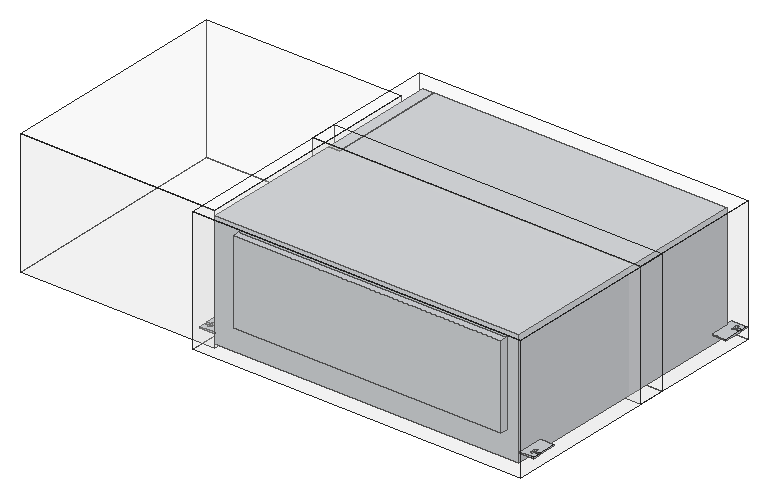
Revit family "pefy-p224_280smg9_50Hz", category 機械設備, Revit 2019
Family settings
  丸型コネクタ寸法 = 直径を使用
  パーツ タイプ = 標準
  OmniClass 番号 = 23.75.10.24.21.27.27
  OmniClass タイトル = Split System Air Conditioning Units
  作業面ベース = いいえ
  常に垂直 = はい
  ロード時にボイドで切り取り = いいえ
  共有 = いいえ
  部屋計算ポイント = はい
Parameters (values of type "PEFY-P224SMG9")
  風量（弱）（m3／min） = 50
  風量（m3／min） = 72
  風量 = MAX風量  # 4320.0 m³/h
  音響パワーレベル（弱）(dB) = 65
  音響パワーレベル(dB) = 67
  電源種別 = ""
  電源_H = 0 mm
  電圧_電気ヒーター = 0 V
  電圧 = 200 V
  電動機出力_送風機 = 0.87 kW
  運転質量 = 0.00 kg
  連動 = ""
  質量 = if(製品質量 > 運転質量, 製品質量, 運転質量) * 1.2  # 116.40 kg
  負荷分類 = 3_ファン類
  説明 = "ビル用マルチエアコン 天井埋込形　室内機"
  設計暖房能力 = 0.00 kW
  設計冷房能力_顕熱 = 0 kW
  設計冷房能力 = 0 kW
  設置方法 = "天井吊(隠ぺい)形"
  記号 = ""
  製造元 = "三菱電機株式会社"
  製品質量 = 97.00 kg
  製品出荷対象 = "国内"
  製品リリース年月 = "2022年9月15日"
  製品グループ = ""
  系統 = ""
  符号 = "ACP_CID"
  積算_科目 = "1 空気調和設備"
  積算_拾い区分 [instance] = ""
  相_電気ヒーター = 1
  相 = 1
  盤記号 = ""
  発停方法 = "付属スイッチ"
  特殊仕様 = ""
  点検口離隔 [instance] = if(点検口離隔入力値 > 200 mm, 200 mm, if(点検口離隔入力値 < 150 mm, 150 mm, 点検口離隔入力値))  # 150 mm
  点検口離隔入力値 [instance] = 150 mm
  点検口設置範囲 = 800 mm
  点検口位置 = 200 mm
  点検口 = yes
  火災停止 = ""
  消費電力_電気ヒーター = 0.00 kW
  消費電力_暖房 = 0.68 kW
  消費電力_加湿器 = 0.00 kW
  消費電力_冷房 = 0.68 kW
  消費電力 = if(消費電力_冷房 > 消費電力_暖房, 消費電力_冷房, 消費電力_暖房) + 消費電力_加湿器 + 消費電力_電気ヒーター  # 0.68 kW
  法定耐用年数 = "15"
  機外静圧 = 150.0 Pa
  極数 = 3
  材質 = ""
  本体マテリアル = none
  有効加湿量 = 0
  暖房能力 = 25.00 kW
  推奨ブレーカー容量 = 0 A
  形式_加湿器 = ""
  形式 = "天井吊（隠ぺい）形（両ダクト形）"
  幹線記号 = ""
  始動方式 = ""
  呼称 = "室内機_天井吊(隠ぺい)形(両ダクト形)"
  周波数 = 50 Hz
  吊り幅 = if(Depth = 900 mm, 60 mm, 61 mm)  # 61 mm
  吊り位置Y = 1034 mm
  吊り位置X = 1326 mm
  台数_手元リモコン = ""
  台数_冷媒分岐ユニット = ""
  参照している仕様書等のバージョン = "公共建築工事標準仕様書（機械設備工事編）平成31年度版"
  加湿給水管径 = 0 mm
  分類コード = "50053003221070"
  分類グループ = ""
  冷房能力 = 22.4 kW
  冷媒高低圧ガス管径 = 0 mm
  冷媒管径符号 = "Be"
  冷媒管径 = 100 mm
  冷媒液管径 = 9.52 mm
  冷媒液管_縦 = 44 mm
  冷媒液管_横 = 95 mm
  冷媒ガス管径 = 19.05 mm
  冷媒ガス管_縦 = 164 mm
  冷媒ガス管_横 = 249 mm
  企業コード = "108420"
  付属品_フィルター = ""
  付属品 = ""
  仕様書バージョン = "Version1.0"
  モデル = "PEFY-P224SMG9"
  ドレン管径 = 32 mm
  ドレン管_縦 = 327 mm
  ドレン管_横 = 489 mm
  サービススペース = yes
  コメント [instance] = ""
  ケーブル種類 = ""
  ケーブルサイズ = 0 mm
  Width = 0 mm
  Version = ""
  Uniclass2015Version = "Systems v1.9"
  Uniclass2015Title = "Split coil remote air cooled condensing units"
  Uniclass2015Code = "Pr_70_65_03_84"
  URL = "https://www.mitsubishielectric.co.jp/ldg/wink/ssl/displayProduct.do?pid=317074"
  SpecificationReference = ""
  SpecificationDescription = ""
  S_H = Height + 20 mm  # 490 mm
  SAサイズ_W = 1100 mm
  SAサイズ_D = 340 mm
  Revision = ""
  RAサイズ_W = 1100 mm
  RAサイズ_D = 420 mm
  ProductInformation = ""
  OmniClassCode = "23-751024212727"
  MIN風量 = 風量（弱）（m3／min） * 60.0 m³/h  # 3000.0 m³/h
  MAX風量 = 風量（m3／min） * 60.0 m³/h  # 4320.0 m³/h
  IfcTypeProduct = ""
  IfcProduct = ""
  IfcExportType = "AIRCONDITIONINGUNIT"
  IfcExportAs = "IfcUnitaryEquipmentType"
  Height = 470 mm
  Depth = 1120 mm
  Clearance Top = 20 mm
  Clearance Right = 50 mm
  Clearance Left = if(Width = 745 mm, 730 mm, if(Width = 1030 mm, 1015 mm, if(Width = 1195 mm, 1180 mm, 1300 mm)))  # 1300 mm
  Clearance Front = 680 mm
  Clearance Bottom = 20 mm
  Clearance Back = 50 mm
  Author = "三菱電機株式会社"
Types (2, lengths in mm): name | 風量（弱）（m3／min） | 風量（m3／min） | 風量 | 音響パワーレベル（弱）(dB) | 音響パワーレベル(dB) | 質量 | 製品質量 | 消費電力_暖房 | 消費電力_冷房 | 消費電力 | 暖房能力 | 冷房能力 | 冷媒管径符号 | 冷媒ガス管径 | モデル | URL | MIN風量 | MAX風量
  PEFY-P224SMG9 | 50 | 72 | 4320.0 m³/h | 65 | 67 | 116.40 kg | 97.00 kg | 0.68 kW | 0.68 kW | 0.68 kW | 25.00 kW | 22.4 kW | "Be" | 19.05 | "PEFY-P224SMG9" | "https://www.mitsubishielectric.co.jp/ldg/wink/ssl/displayProduct.do?pid=317074" | 3000.0 m³/h | 4320.0 m³/h
  PEFY-P280SMG9 | 58 | 84 | 5040.0 m³/h | 70 | 71 | 120.00 kg | 100.00 kg | 0.92 kW | 0.92 kW | 0.92 kW | 31.50 kW | 28 kW | "Bf" | 22.2 | "PEFY-P280SMG9" | "https://www.mitsubishielectric.co.jp/ldg/wink/ssl/displayProduct.do?pid=317075" | 3480.0 m³/h | 5040.0 m³/h
Reference planes
  plane 1 "中心(正面/背面)": y = -138.467
  plane 2: z = 0
  plane 3 "中心(左/右)": x = 140.396
  plane 4: z = 470
  plane 5: z = 490
  plane 6 "吊ピッチ-4": x = 803.396
  plane 7 "吊ピッチ-3": x = -522.604
  plane 8: y = -528.467
  plane 9: x = 765.396
  plane 10: z = -20
  plane 11: x = 826.396
  plane 12: y = -671.967
  plane 13: y = 287.533
  plane 14: y = -192.217
  plane 15: y = -362.467
  plane 16: y = 87.533
  plane 17: x = -484.604
  plane 18: x = -634.604
  plane 19: x = -1284.604
  plane 20: z = 490
  plane 21: x = -534.604
  plane 22: y = -721.967
  plane 23: x = 815.396
  plane 24: y = 8.033
  plane 25 "吊りボルトピッチ-1": y = 282.533
  plane 26 "吊ピッチ-1": y = -640.967
  plane 27 "吊ピッチ-2": y = 393.033
  plane 28 "本体奥行-1": y = 395.033
  plane 29 "本体奥行-2": y = -671.967
  plane 30 "D-1": y = 419.033
  plane 31 "D-2": y = -700.967
  plane 32 "Back-50": y = -721.967
  plane 33: y = 445.033
  plane 34: y = -104.967
Dimensions and locks
  "S_H": plane 5 to level
  "Clearance Bottom": level to plane 10
  "吊り幅": plane 11 to plane 9
  "Height": plane 4 to level
  locked: plane 16 to plane 15 at 450
  equal spacing: plane 13, plane 14, plane 12
  plane 17 to plane 7 "吊ピッチ-3" = 38 mm
  "点検口離隔": plane 17 to plane 18
  "点検口設置範囲": plane 17 to plane 19
  "Clearance Top": plane 20 to plane 4
  "Clearance Back": plane 12 to plane 22
  "Clearance Right": plane 17 to plane 21
  "Clearance Front": plane 24 to plane 12
  "Clearance Left": plane 23 to plane 17
  "点検口位置": plane 13 to plane 16
  equal spacing: plane 9, plane 3 "中心(左/右)", plane 17
  "吊り位置X": plane 7 "吊ピッチ-3" to plane 6 "吊ピッチ-4"
  equal spacing: plane 7 "吊ピッチ-3", plane 3 "中心(左/右)", plane 6 "吊ピッチ-4"
  locked: plane 6 "吊ピッチ-4" to plane 11 at 23
  "吊り位置Y": plane 27 "吊ピッチ-2" to plane 26 "吊ピッチ-1"
  "Depth": plane 31 "D-2" to plane 30 "D-1"
  locked: plane 34 to plane 33 at 550
  locked: plane 28 "本体奥行-1" to plane 33 at 50
  aligned and locked: level to plane 2
  aligned and locked: nested 3 to plane 3 "中心(左/右)"
  aligned and locked: plane 1 "中心(正面/背面)" to nested 3
  aligned and locked: plane 15 to nested 2
  aligned and locked: plane 16 to nested 2
  aligned and locked: nested 2 to plane 19
  aligned and locked: nested 2 to plane 18
  aligned and locked: plane 20 to nested 1
  aligned and locked: plane 20 to nested 4
  aligned and locked: plane 10 to nested 1
  aligned and locked: plane 10 to nested 4
  aligned and locked: nested 1 to plane 12
  aligned and locked: nested 1 to plane 13
  aligned and locked: nested 1 to plane 19
  aligned and locked: nested 1 to plane 17
  aligned and locked: nested 4 to plane 22
  aligned and locked: nested 4 to plane 24
  aligned and locked: nested 4 to plane 21
  aligned and locked: nested 4 to plane 23
  aligned and locked: nested 5 to plane 27 "吊ピッチ-2"
  aligned and locked: nested 5 to plane 26 "吊ピッチ-1"
  aligned and locked: plane 6 "吊ピッチ-4" to nested 5
  aligned and locked: nested 5 to plane 7 "吊ピッチ-3"
  aligned and locked: nested 6 to plane 33
  aligned and locked: nested 6 to plane 34
Nested families
  nested 1: "サービススペース" at (-884.604, -192.217, 235) x (-1, 0, 0) z (0, 0, 1), visible <- "サービススペース", type "サービススペース"
    with Width 800 mm, Height 510 mm, Depth 959.5 mm
  nested 2: "点検口設置範囲" at (-959.604, -137.467, 0) x (-1, 0, 0) z (0, 0, 1), visible <- "点検口", type "点検口設置範囲"
    with Width 650 mm, Depth 450 mm
  nested 3: "PEFY-P○○○SMG9" at (312.896, -138.467, 0) x (0, -1, 0) z (0, 0, 1), type "PEFY-P○○○SMG9"
    with 制御ボクス yes, ユニット表示 yes, 冷媒ガス配管サイズ 19.05 mm
  nested 4: "サービススペース" at (140.396, -356.967, 235) x (-1, 0, 0) z (0, 0, 1), visible <- "サービススペース", type "サービススペース"
    with Width 1350 mm, Height 510 mm, Depth 730 mm
  nested 5: "固定点" at (-522.604, -640.967, 0), W <- "吊り位置X", D <- "吊り位置Y", type "固定点"
    with W 1326 mm, D 1034 mm
  nested 6: "サービススペース" at (140.396, 170.033, 235) x (-1, 0, 0) z (0, 0, 1), visible <- "サービススペース", type "サービススペース"
    with Width 1350 mm, Height 510 mm, Depth 550 mm
Connectors
  hvac at (165.396, -700.967, 275), driven by "SAサイズ_D", driven by "SAサイズ_W", driven by "機外静圧", driven by "風量"
    settings: on nested 3, index 1, duct flow 4320.0 m³/h, flow factor 0, pres drop 150.0 Pa, loss coef 0, conn angle 0.00°, conn width 1100 mm, conn height 340 mm, conn diameter 609.6 mm, duct sys type 29, conn prof type 1, flow config 0, flow direction 2, loss method 4, conn ref index -1, conn util no, is conn primary yes, conn desc ""
  hvac at (167.396, 419.033, 230), driven by "RAサイズ_D", driven by "RAサイズ_W", driven by "機外静圧", driven by "風量"
    settings: on nested 3, index 2, duct flow 4320.0 m³/h, flow factor 0, pres drop 150.0 Pa, loss coef 0, conn angle 0.00°, conn width 1100 mm, conn height 420 mm, conn diameter 609.6 mm, duct sys type 29, conn prof type 1, flow config 0, flow direction 1, loss method 4, conn ref index -1, conn util no, is conn primary no, conn desc ""
  piping at (-584.604, -375.467, 186), diameter 100, driven by "冷媒管径", driven by "冷媒管径符号"
    settings: on nested 3, index 3, connector inside diameter 609.6 mm, connector length 0 mm, flow factor 0, pipe flow 0.0 L/s, pressure drop 0.0 Pa, fitting loss kfactor 0, connector angle 0.00°, fixture units 0, engagement length 0 mm, angle of deflection 0.00°, flow configuration 1, flow direction 1, fitting loss method 4, system type 7, joint type 0, gender type 0, connector reference index -1, connector utility 0, adjustable connector no, is connector primary yes, connector description "Be"
  piping at (-494.604, -182.967, 327), diameter 32, driven by "ドレン管径"
    settings: on nested 3, index 4, connector inside diameter 609.6 mm, connector length 0 mm, flow factor 0, pipe flow 0.0 L/s, pressure drop 0.0 Pa, fitting loss kfactor 0, connector angle 0.00°, fixture units 0, engagement length 0 mm, angle of deflection 0.00°, flow configuration 1, flow direction 2, fitting loss method 4, system type 16, joint type 0, gender type 0, connector reference index -1, connector utility 0, adjustable connector no, is connector primary no, connector description ""
  electrical at (-484.604, 158.033, 220), driven by "極数", driven by "負荷分類", driven by "電圧", driven by "消費電力"
    settings: on nested 3, index 6, voltage 200 V, apparent load 680 VA, apparent load phase1 0 VA, apparent load phase2 0 VA, apparent load phase3 0 VA, power factor 1, load classification "3_ファン類", number of poles 3, system type 30, power factor state 1, is connector primary yes, connector utility no, sub classification motor no, connector description ""
Definition of nested family "サービススペース"
  Parameters (values of type "サービススペース")
    Width [instance] = 500 mm
    Height [instance] = 500 mm
    Depth [instance] = 500 mm
  Reference planes
    plane 1 "中心(正面/背面)": y = 0
    plane 2: z = 0
    plane 3 "中心(左/右)": x = 0
    plane 4: y = -250
    plane 5: x = 250
    plane 6: y = 250
    plane 7: x = -250
    plane 8: z = 250
    plane 9: z = -250
  Forms (mm)
    Extrusion 1, solid
      sketch origin (-638.939, 0, 72.39) x (1, 0, 0) y (0, 1, 0)
        loop
          line (388.939, 250) -> (388.939, -250) -> (888.939, -250) -> (888.939, 250) -> (388.939, 250)
      from -322.39 to 177.61
  Lines and regions (mm)
    symbolic lines
      curve 1: line (-250, 0, 250) -> (250, 0, 250)
      curve 2: line (-250, 0, -250) -> (-250, 0, 250)
      curve 3: line (250, 0, -250) -> (-250, 0, -250)
      curve 4: line (250, 0, 250) -> (250, 0, -250)
      curve 5: line (0, -250, 250) -> (0, 250, 250)
      curve 6: line (0, -250, -250) -> (0, -250, 250)
      curve 7: line (0, 250, -250) -> (0, -250, -250)
      curve 8: line (0, 250, 250) -> (0, 250, -250)
      curve 9: line (-250, 250, 0) -> (250, 250, 0)
      curve 10: line (-250, -250, 0) -> (-250, 250, 0)
      curve 11: line (250, -250, 0) -> (-250, -250, 0)
      curve 12: line (250, 250, 0) -> (250, -250, 0)
  Dimensions and locks
    equal spacing: plane 7, plane 3 "中心(左/右)", plane 5
    equal spacing: plane 4, plane 1 "中心(正面/背面)", plane 6
    "Depth": plane 4 to plane 6
    "Width": plane 7 to plane 5
    equal spacing: plane 8, plane 2, plane 9
    "Height": plane 8 to plane 9
    aligned and locked: plane 9 to curve 3
    aligned and locked: plane 7 to curve 2
    aligned and locked: curve 4 to plane 5
    aligned and locked: plane 5 to Extrusion 1
    aligned and locked: Extrusion 1 to plane 7
    aligned and locked: Extrusion 1 to plane 9
    aligned and locked: plane 8 to Extrusion 1
    aligned and locked: plane 9 to curve 7
  Automatic sketch dimensions
    plane 4 to Extrusion 1 sketch curve = 0 mm
    Extrusion 1 sketch curve to plane 7 = 0 mm
    Extrusion 1 sketch curve to plane 5 = 0 mm
    plane 6 to Extrusion 1 sketch curve = 0 mm
    curve 2 to plane 8 = 0 mm
    plane 4 to curve 11 = 0 mm
    curve 11 to plane 7 = 0 mm
    curve 11 to plane 5 = 0 mm
    plane 6 to curve 10 = 0 mm
    curve 7 to plane 4 = 0 mm
    curve 7 to plane 6 = 0 mm
    curve 6 to plane 8 = 0 mm
Definition of nested family "PEFY-P○○○SMG9"
  Parameters (values of type "PEFY-P○○○SMG9")
    配線取出口サイズ = 30 mm
    ドレン排水口-Z = 30 mm  # constant formula
    制御ボクス [instance] = yes
    冷媒液配管サイズ = 9.52 mm
    R2 = 340 mm
    R1 = 105 mm
    L2 = 420 mm
    L1 = 20 mm
    E = 1100 mm
    C = 1250 mm
    A = 1372 mm
    高さ = 470 mm
    冷媒配管 = 100 mm
    冷媒液管径-Z = 44 mm
    冷媒液管径-Y = 65 mm
    冷媒液管径-X = 95 mm
    冷媒ガス管径-Z = 164 mm
    冷媒ガス管径-Y = 70 mm
    冷媒ガス管径-X = 249 mm
    ユニット表示 [instance] = yes
    ドレン配管サイズ = 32 mm
    ドレン管径-Z = 327 mm
    ドレン管径-Y = 10 mm  # constant formula
    ドレン管径-X = 489 mm
    冷媒ガス配管サイズ = 22.2 mm
    D = 1100 mm
    B = 1326 mm
  Reference planes
    plane 1 "中心(正面/背面)": y = -172.5
    plane 2: z = 0
    plane 3 "中心(左/右)": x = 0
    plane 4: z = 470
    plane 5: z = -20
    plane 6: y = -858.5
    plane 7: z = 490
    plane 8: x = -426
    plane 9 "吊金具-２": x = 480
    plane 10 "吊金具-高さ": z = 41
    plane 11: y = -472.5
    plane 12: y = 490.5
    plane 13: z = 440
    plane 14: z = 20
    plane 15: z = 105
    plane 16: z = 445
    plane 17: y = -577.5
    plane 18: z = 120
    plane 19: z = 170
    plane 20: x = 390
    plane 21: x = 380
    plane 22: y = 513.5
    plane 23: y = -835.5
    plane 24: z = 164
    plane 25: z = 208
    plane 26: z = 186
    plane 27: z = 327
    plane 28 "吊金具-1": x = -421
    plane 29: y = 452.5
    plane 30: y = -797.5
    plane 31: y = -695.5
    plane 32: y = 404.5
    plane 33: y = -897.5
    plane 34: y = -697.5
    plane 35: y = 402.5
    plane 36: x = -557.5
    plane 37: x = 533.5
    plane 38: x = -533.5
    plane 39: x = 502.5
    plane 40: x = -531.5
    plane 41 "吊ピッチ-1": x = 502.5
    plane 42 "吊ピッチ-2": x = -531.5
    plane 43 "ドレン管径-X": x = 44.5
    plane 44 "冷媒ガス管径-X": x = 284.5
    plane 45 "冷媒液管径-X": x = 189.5
    plane 46 "冷媒配管-X": x = 237
    plane 47: x = 562.5
  Forms (mm)
    Extrusion 1, solid, visible <- "ユニット表示", detail levels fine
      sketch origin (0, 0, 0) x (1, 0, 0) y (0, 1, 0)
        loop
          line (-533.5, 452.5) -> (-533.5, -752.5) -> (-50, -752.5) -> (-50, -797.5) -> (533.5, -797.5) -> (533.5, 452.5) -> (-533.5, 452.5)
      from 0 to 470
    Extrusion 2, solid, visible <- "ユニット表示", detail levels fine
      sketch origin (0, 0, 0) x (1, 0, 0) y (0, 1, 0)
        loop
          line (-557.5, 404.5) -> (-557.5, -695.5) -> (-533.5, -695.5) -> (-533.5, 404.5) -> (-557.5, 404.5)
      from 20 to 440
    Extrusion 3, solid, visible <- "ユニット表示", detail levels fine
      sketch origin (0, 0, 0) x (1, 0, 0) y (0, 1, 0)
        loop
          line (562.5, 402.5) -> (533.5, 402.5) -> (533.5, -697.5) -> (562.5, -697.5) -> (562.5, 402.5)
      from 105 to 445
    Extrusion 4, solid, visible <- "制御ボクス", detail levels fine
      sketch origin (1480.036, -517.5, 1200) x (1, 0, 0) y (0, 0, 1)
        loop
          line (-1786.036, -1030) -> (-1786.036, -1180) -> (-1530.036, -1180) -> (-1530.036, -730) -> (-2013.536, -730) -> (-2013.536, -1030) -> (-1786.036, -1030)
      from 235 to 280
    Extrusion 5, solid, visible <- "ユニット表示", detail levels fine
      sketch origin (-1437.329, -1523, 36) x (-1, 0, 0) y (0, -1, 0)
        loop
          line (-875.829, -664.5) -> (-899.829, -664.5) -> (-899.829, -680.5) -> (-897.829, -680.5)
          arc (-897.829, -680.5) -> (-892.88, -682.55) -> (-890.829, -687.5) r 7
          arc (-890.829, -687.5) -> (-892.88, -692.45) -> (-897.829, -694.5) r 7
          line (-897.829, -694.5) -> (-913.829, -694.5)
          arc (-913.829, -694.5) -> (-918.779, -692.45) -> (-920.829, -687.5) r 7
          arc (-920.829, -687.5) -> (-918.779, -682.55) -> (-913.829, -680.5) r 7
          line (-913.829, -680.5) -> (-911.829, -680.5) -> (-911.829, -664.5) -> (-980.829, -664.5) -> (-980.829, -770.5) -> (-875.829, -770.5) -> (-875.829, -664.5)
        loop
          line (-1969.829, -664.5) -> (-1969.829, -725.5) -> (-1864.829, -725.5) -> (-1864.829, -664.5) -> (-1933.829, -664.5) -> (-1933.829, -680.5) -> (-1931.829, -680.5)
          arc (-1931.829, -680.5) -> (-1926.88, -682.55) -> (-1924.829, -687.5) r 7
          arc (-1924.829, -687.5) -> (-1926.88, -692.45) -> (-1931.829, -694.5) r 7
          line (-1931.829, -694.5) -> (-1947.829, -694.5)
          arc (-1947.829, -694.5) -> (-1952.779, -692.45) -> (-1954.829, -687.5) r 7
          arc (-1954.829, -687.5) -> (-1952.779, -682.55) -> (-1947.829, -680.5) r 7
          line (-1947.829, -680.5) -> (-1945.829, -680.5) -> (-1945.829, -664.5) -> (-1969.829, -664.5)
        loop
          line (-875.829, -2036.5) -> (-875.829, -1975.5) -> (-980.829, -1975.5) -> (-980.829, -2036.5) -> (-911.829, -2036.5) -> (-911.829, -2020.5) -> (-913.829, -2020.5)
          arc (-913.829, -2020.5) -> (-918.779, -2018.45) -> (-920.829, -2013.5) r 7
          arc (-920.829, -2013.5) -> (-918.779, -2008.55) -> (-913.829, -2006.5) r 7
          line (-913.829, -2006.5) -> (-897.829, -2006.5)
          arc (-897.829, -2006.5) -> (-892.88, -2008.55) -> (-890.829, -2013.5) r 7
          arc (-890.829, -2013.5) -> (-892.88, -2018.45) -> (-897.829, -2020.5) r 7
          line (-897.829, -2020.5) -> (-899.829, -2020.5) -> (-899.829, -2036.5) -> (-875.829, -2036.5)
        loop
          line (-1969.829, -2036.5) -> (-1945.829, -2036.5) -> (-1945.829, -2020.5) -> (-1947.829, -2020.5)
          arc (-1947.829, -2020.5) -> (-1952.779, -2018.45) -> (-1954.829, -2013.5) r 7
          arc (-1954.829, -2013.5) -> (-1952.779, -2008.55) -> (-1947.829, -2006.5) r 7
          line (-1947.829, -2006.5) -> (-1931.829, -2006.5)
          arc (-1931.829, -2006.5) -> (-1926.88, -2008.55) -> (-1924.829, -2013.5) r 7
          arc (-1924.829, -2013.5) -> (-1926.88, -2018.45) -> (-1931.829, -2020.5) r 7
          line (-1931.829, -2020.5) -> (-1933.829, -2020.5) -> (-1933.829, -2036.5) -> (-1864.829, -2036.5) -> (-1864.829, -1975.5) -> (-1969.829, -1975.5) -> (-1969.829, -2036.5)
      from 0 to 5
    Extrusion 6, solid, visible <- "ユニット表示", detail levels fine
      sketch origin (1480.036, -797.5, 1200) x (1, 0, 0) y (0, 0, 1)
        loop
          circle (-1195.536, -1036) r 11.1
      from 0 to 100
    Extrusion 7, solid, visible <- "ユニット表示", detail levels fine
      sketch origin (1480.036, -797.5, 1200) x (1, 0, 0) y (0, 0, 1)
        loop
          circle (-1290.536, -992) r 4.76
      from 0 to 100
    Extrusion 8, solid, visible <- "ユニット表示", detail levels fine
      sketch origin (1480.036, -797.5, 1200) x (1, 0, 0) y (0, 0, 1)
        loop
          circle (-1243.036, -1014) r 50
      from 0 to 100
    Extrusion 9, solid, visible <- "ユニット表示", detail levels fine
      sketch origin (1480.036, -797.5, 1200) x (1, 0, 0) y (0, 0, 1)
        loop
          circle (-1435.536, -873) r 16
      from 0 to 10
  Dimensions and locks
    locked: level to plane 5 at 20
    locked: plane 7 to plane 4 at 20
    "高さ": plane 4 to level
    "L1": plane 14 to level
    "R2": plane 16 to plane 15
    "R1": plane 15 to level
    "L2": plane 13 to plane 14
    locked: plane 18 to level at 120
    locked: plane 19 to plane 18 at 50
    locked: plane 21 to plane 9 "吊金具-２" at 100
    "B": plane 23 to plane 12
    locked: plane 6 to plane 23 at 23
    "冷媒ガス管径-Z": plane 24 to level
    "冷媒液管径-Z": plane 25 to plane 24
    equal spacing: plane 25, plane 26, plane 24
    "ドレン管径-Z": plane 27 to level
    "A": plane 6 to plane 22
    equal spacing: plane 6, plane 1 "中心(正面/背面)", plane 22
    equal spacing: plane 23, plane 1 "中心(正面/背面)", plane 12
    "C": plane 30 to plane 29
    equal spacing: plane 30, plane 1 "中心(正面/背面)", plane 29
    locked: plane 30 to plane 31 at 102
    "D": plane 31 to plane 32
    locked: plane 30 to plane 34 at 100
    "E": plane 34 to plane 35
    plane 38 to plane 37 = 1067 mm
    equal spacing: plane 38, plane 3 "中心(左/右)", plane 37
    Extrusion 5 to Extrusion 3 = 1124 mm
    plane 10 "吊金具-高さ" to level = 41 mm
    plane 41 "吊ピッチ-1" to Extrusion 3 = 60 mm
    "ドレン管径-X": plane 43 "ドレン管径-X" to plane 37
    "冷媒ガス管径-X": plane 44 "冷媒ガス管径-X" to plane 37
    "冷媒液管径-X": plane 45 "冷媒液管径-X" to plane 44 "冷媒ガス管径-X"
    locked: plane 37 to plane 47 at 29
    "冷媒ガス配管サイズ": diameter of Extrusion 6 sketch curve
    "冷媒液配管サイズ": diameter of Extrusion 7 sketch curve
    "冷媒配管": diameter of Extrusion 8 sketch curve
    "ドレン配管サイズ": diameter of Extrusion 9 sketch curve
    aligned and locked: level to plane 2
    aligned and locked: Extrusion 1 to level
    aligned and locked: plane 4 to Extrusion 1
    aligned and locked: Extrusion 2 to plane 14
    aligned and locked: plane 13 to Extrusion 2
    aligned and locked: Extrusion 3 to plane 15
    aligned and locked: plane 16 to Extrusion 3
    aligned and locked: Extrusion 4 sketch curve to plane 4
    aligned and locked: Extrusion 4 sketch curve to plane 14
    aligned and locked: plane 24 to Extrusion 6 sketch curve
    aligned and locked: plane 25 to Extrusion 7 sketch curve
    aligned and locked: plane 27 to Extrusion 9 sketch curve
    aligned and locked: plane 26 to Extrusion 8 sketch curve
    aligned and locked: plane 29 to Extrusion 1 sketch curve
    aligned and locked: Extrusion 1 sketch curve to plane 30
    aligned and locked: Extrusion 4 to Extrusion 1  (x2)
    aligned and locked: Extrusion 2 sketch curve to plane 31
    aligned and locked: plane 32 to Extrusion 2 sketch curve
    aligned and locked: Extrusion 3 sketch curve to plane 35
    aligned and locked: plane 38 to Extrusion 1 sketch curve
    aligned and locked: Extrusion 1 sketch curve to plane 37
    aligned and locked: Extrusion 2 sketch curve to plane 38
    aligned and locked: Extrusion 3 sketch curve to plane 37
    aligned and locked: plane 10 "吊金具-高さ" to Extrusion 5
    aligned and locked: plane 34 to Extrusion 3 sketch curve
    aligned and locked: Extrusion 9 to plane 30
  Automatic sketch dimensions
    Extrusion 1 sketch curve to plane 30 = 45 mm
    Extrusion 4 sketch curve to plane 19 = 0 mm
    Extrusion 4 sketch curve to plane 28 "吊金具-1" = 112.5 mm
    Extrusion 5 sketch curve to Extrusion 5 sketch curve = 0 mm  (x8)
    plane 6 to Extrusion 5 sketch curve = 0 mm  (x4)
    plane 30 to Extrusion 5 sketch curve = 0 mm
    plane 22 to Extrusion 5 sketch curve = 0 mm  (x4)
    plane 29 to Extrusion 5 sketch curve = 0 mm  (x2)
    plane 23 to Extrusion 5 sketch curve = 0 mm  (x4)
    plane 12 to Extrusion 5 sketch curve = 0 mm  (x4)
    plane 9 "吊金具-２" to Extrusion 5 sketch curve = 30.5 mm  (x2)
    Extrusion 5 sketch curve to Extrusion 5 sketch curve = 2 mm  (x4)
    plane 9 "吊金具-２" to Extrusion 5 sketch curve = 28.5 mm
    plane 9 "吊金具-２" to Extrusion 5 sketch curve = 16.5 mm  (x2)
    plane 21 to Extrusion 5 sketch curve = 47.5 mm  (x2)
    Extrusion 5 sketch curve to plane 28 "吊金具-1" = 35.5 mm  (x2)
    Extrusion 5 sketch curve to plane 28 "吊金具-1" = 102.5 mm  (x2)
    Extrusion 5 sketch curve to plane 28 "吊金具-1" = 104.5 mm
    Extrusion 5 sketch curve to plane 8 = 111.5 mm  (x2)
    Extrusion 5 sketch curve to plane 8 = 113.5 mm  (x2)
    Extrusion 5 sketch curve to Extrusion 5 sketch curve = 7 mm
    Extrusion 5 sketch curve to plane 12 = 7 mm
    Extrusion 5 sketch curve to plane 23 = 7 mm  (x2)
    Extrusion 2 sketch curve to plane 8 = 131.5 mm
    plane 9 "吊金具-２" to Extrusion 3 sketch curve = 82.5 mm
    plane 9 "吊金具-２" to Extrusion 5 sketch curve = 52.5 mm  (x2)
    Extrusion 5 sketch curve to plane 8 = 135.5 mm
    Extrusion 5 sketch curve to Extrusion 5 sketch curve = 24 mm
    Extrusion 5 sketch curve to plane 30 = 45 mm
    plane 28 "吊金具-1" to Extrusion 4 sketch curve = 115 mm
    Extrusion 1 sketch curve to plane 3 "中心(左/右)" = 50 mm
    Extrusion 4 sketch curve to plane 3 "中心(左/右)" = 50 mm
    Extrusion 6 sketch curve to plane 44 "冷媒ガス管径-X" = 0 mm
    Extrusion 7 sketch curve to plane 45 "冷媒液管径-X" = 0 mm
    Extrusion 8 sketch curve to plane 46 "冷媒配管-X" = 0 mm
    Extrusion 9 sketch curve to plane 43 "ドレン管径-X" = 0 mm
Definition of nested family "点検口設置範囲"
  Parameters (values of type "点検口設置範囲")
    Width [instance] = 1000 mm
    Depth [instance] = 700 mm
  Reference planes
    plane 1 "中心(正面/背面)": y = 0
    plane 2: z = 0
    plane 3 "中心(左/右)": x = 0
    plane 4: x = -500
    plane 5: x = 500
    plane 6: y = -350
    plane 7: y = 350
  Lines and regions (mm)
    model lines
      curve 1: line (-500, 350, 0) -> (500, 350, 0)
      curve 2: line (-500, -350, 0) -> (-500, 350, 0)
      curve 3: line (500, -350, 0) -> (-500, -350, 0)
      curve 4: line (500, 350, 0) -> (500, -350, 0)
  Dimensions and locks
    "Depth": plane 7 to plane 6
    "Width": plane 4 to plane 5
    equal spacing: plane 7, plane 1 "中心(正面/背面)", plane 6
    equal spacing: plane 4, plane 3 "中心(左/右)", plane 5
    aligned and locked: level to plane 2
    aligned and locked: plane 4 to curve 2
    aligned and locked: curve 1 to plane 7
    aligned and locked: curve 4 to plane 5
    aligned and locked: plane 6 to curve 3
Definition of nested family "固定点"
  Parameters (values of type "固定点")
    中心円 = 20 mm
    W [instance] = 1324 mm
    D [instance] = 1034 mm
  Reference planes
    plane 1 "中心(正面/背面)": y = 0
    plane 2: z = 0
    plane 3 "中心(左/右)": x = 0
    plane 4: x = 1324
    plane 5: y = 1034
  Lines and regions (mm)
    symbolic lines, detail levels fine
      curve 1: circle (0, 1034, 0) r 10 normal (0, 0, 1)
      curve 2: circle (0, 0, 0) r 10 normal (0, 0, 1)
      curve 3: circle (1324, 1034, 0) r 10 normal (0, 0, 1)
      curve 4: circle (1324, 0, 0) r 10 normal (0, 0, 1)
      curve 5: line (-200, 1034, 0) -> (1524, 1034, 0)
      curve 6: line (-200, 0, 0) -> (1524, 0, 0)
      curve 7: line (0, 1234, 0) -> (0, -200, 0)
      curve 8: line (1324, 1234, 0) -> (1324, -200, 0)
  Dimensions and locks
    "W": plane 3 "中心(左/右)" to plane 4
    "D": plane 1 "中心(正面/背面)" to plane 5
    "中心円": diameter of curve 1
    "中心円": diameter of curve 2
    "中心円": diameter of curve 3
    "中心円": diameter of curve 4
    aligned and locked: level to plane 2
    aligned and locked: plane 5 to curve 1
    aligned and locked: plane 3 "中心(左/右)" to curve 1
    aligned and locked: plane 3 "中心(左/右)" to curve 2
    aligned and locked: plane 1 "中心(正面/背面)" to curve 2
    aligned and locked: plane 4 to curve 3
    aligned and locked: plane 5 to curve 3
    aligned and locked: plane 1 "中心(正面/背面)" to curve 4
    aligned and locked: plane 4 to curve 4
    aligned and locked: plane 1 "中心(正面/背面)" to curve 6
    aligned and locked: curve 7 to plane 3 "中心(左/右)"
    aligned and locked: curve 8 to plane 4
  Automatic sketch dimensions
    curve 5 to plane 5 = 0 mm
    curve 6 to plane 3 "中心(左/右)" = 200 mm
    curve 5 to plane 3 "中心(左/右)" = 200 mm
    curve 4 to curve 6 = 200 mm
    curve 3 to curve 5 = 200 mm
    plane 1 "中心(正面/背面)" to curve 8 = 200 mm
    plane 1 "中心(正面/背面)" to curve 7 = 200 mm
    curve 3 to curve 8 = 200 mm
    curve 1 to curve 7 = 200 mm
